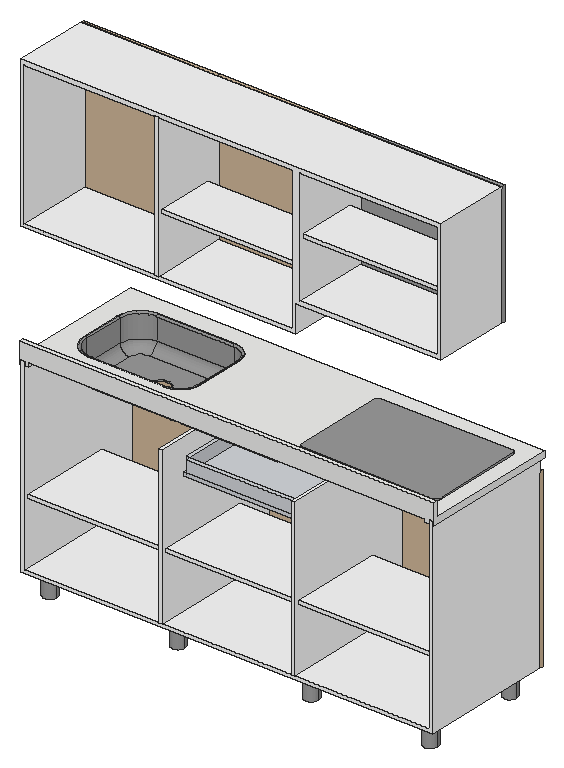
Revit family "O22411711_Cocina Soho Izquierda", category Generic Models, host Wall, Revit 2019
Family settings
  Host = Wall
  Can host rebar = No
  Round Connector Dimension = Use Diameter
  Part Type = Normal
  OmniClass Number = 23.21.23.23.13
  OmniClass Title = Residential Food Cookers
  Always vertical = Yes
  Cut with Voids When Loaded = No
  Shared = No
  Room Calculation Point = No
Parameters (values of type "Ref. O22411711 Cocina Soho Izquierda")
  URL = "https://corona.co/productos/muebles-para-cocinas/cocina-soho/p/cocina-soho-izquierda"
  Resistencia a la humedad = "Hinchamiento < o =8%."  # constant formula
  Pofundidad Mueble Inferior = 595 mm
  Pofundidad Mueble Superioir = 345 mm
  Peso Neto aproximado mueble superior = "41,29 kg."  # constant formula
  Peso Neto aproximado mueble inferior = "63 kg."  # constant formula
  Material puertas B = Corona_Madera_Aglomerada_Plomo
  Material puertas A = Corona_Madera_Aglomerada_Miel
  Material mueble superior = Corona_Madera_Blanco
  Material mueble inferior = Corona_Madera_Blanco
  Material meson = Corona_Cuarzo_Natural
  Material Patas = Corona_Acero inoxidable
  Garantía de madera = "1 año"  # constant formula
  Garantía de Herrajes = "1 año"  # constant formula
  Garantia Mesón = "10 años"  # constant formula
  Dimensiones generales mueble rior (H*W*L). = "650 x 345 x 1800 mm."  # constant formula
  Dimensiones generales del mueble inferior (H*W*L) = "920x 1800x 600mm."  # constant formula
  Description = "Esta cocina de diseño contemporáneo está disponible en color miel, contrastado con detalles en gris plomo. Sus puertas lisas (sin manijas expuestas) aportan limpieza y continuidad al diseño, haciendo que la cocina sea más amigable con el usuario. Esta cocina entrega una solución completa al incluir en su mueble inferior un mesón en CoronaStone® con lavaplatos y cubierta con 4 fogones integrados, además de accesorios como vajillero y cubertero para hacer más cómodo el almacenamiento.En todo el mueble, los cantos o recubrimiento de bordes, cuentan con mayor espesor y rigidez al estándar del mercado, brindando un acabado estético superior y mayor protección a posibles filtraciones de humedad.Disfruta de su máximo almacenamiento y comodidad de uso, y de nuestros muebles altamente resistentes. ¡Una solución integral de fácil instalación!"  # constant formula
  Date Created = "04/08/2020"  # constant formula
  Created by = "IDD"  # constant formula
  Carga máxima mueble inferior = "73 kg."  # constant formula
  Carga máxima Mueble Superior = "42 kg."  # constant formula
  Carga máxima Campana = "25 kg."  # constant formula
  Ancho Mueble Inferior = 1800 mm
  Ancho Mueble Inferioir = 1760 mm
  Alto Mueble Superior = 650 mm
  Alto Mueble Inferior = 926 mm
Reference planes
  plane 1 "Wall": y = 0
  plane 2 "Center (Left/Right)": x = 125
  plane 3 "Back": y = 75
  plane 4: x = -755
  plane 5: x = 1005
  plane 6: y = 670
  plane 7: y = 655
  plane 8: y = 90
  plane 9: y = 75
  plane 10: x = 1020
  plane 11: x = -770
  plane 12: z = 100.5
  plane 13: z = 115.5
  plane 14: z = 388.5
  plane 15: z = 403.5
  plane 16: y = 490
  plane 17: z = 791
  plane 18: z = 911
  plane 19: z = 926
  plane 20: z = 865.5
  plane 21: x = -170.5
  plane 22: x = 420.5
  plane 23: x = -155.5
  plane 24: x = 405.5
  plane 25: y = 640
  plane 26: x = 413
  plane 27: x = -163
  plane 28: z = 1446
  plane 29: z = 1566
  plane 30: z = 2096
  plane 31: z = 1461
  plane 32: z = 2081
  plane 33: y = 420
  plane 34: y = 405
  plane 35: y = 340
  plane 36: z = 1702
  plane 37: z = 1717
  plane 38: x = 1055
  plane 39: x = 1040
  plane 40: x = -772
  plane 41: x = -757
  plane 42: x = 410
  plane 43: x = 425
  plane 44: x = 440
  plane 45: z = 1581
  plane 46: x = -181
  plane 47: x = -188.5
  plane 48: x = -173.5
  plane 49: z = 1822
  plane 50: z = 1837
  plane 51: x = 390.5
  plane 52: x = -140.5
  plane 53: x = 375.5
  plane 54: x = -125.5
Forms (mm)
  Extrusion 1, solid, material "Corona_Madera_Blanco" <- "Material mueble inferior", detail levels medium+fine
    sketch origin (0, 0, 0) x (1, 0, 0) y (0, 1, 0)
      loop
        line (-770, 655) -> (-770, 75) -> (1020, 75) -> (1020, 655) -> (-770, 655)
    from 100.5 to 926
  Extrusion 2, void, detail levels medium+fine
    sketch origin (0, 0, 0) x (1, 0, 0) y (0, 1, 0)
      loop
        line (-755, 655) -> (-755, 75) -> (1005, 75) -> (1005, 655) -> (-755, 655)
    from 115.5 to 926
  Extrusion 3, solid, material "Corona_Madera_Blanco" <- "Material mueble inferior", detail levels medium+fine
    sketch origin (0, 0, 0) x (1, 0, 0) y (0, 0, 1)
      loop
        line (420.5, 791) -> (405.5, 791) -> (405.5, 115.5) -> (420.5, 115.5) -> (420.5, 791)
    from -655 to -75
  Extrusion 4, solid, material "Corona_Madera_Blanco" <- "Material mueble inferior", detail levels medium+fine
    sketch origin (0, 0, 0) x (1, 0, 0) y (0, 0, 1)
      loop
        line (-155.5, 791) -> (-170.5, 791) -> (-170.5, 115.5) -> (-155.5, 115.5) -> (-155.5, 791)
    from -655 to -75
  Extrusion 5, solid, material "Corona_Madera_Blanco" <- "Material mueble inferior", detail levels medium+fine
    sketch origin (0, 0, 0) x (1, 0, 0) y (0, 0, 1)
      loop
        line (1005, 403.5) -> (420.5, 403.5) -> (420.5, 388.5) -> (1005, 388.5) -> (1005, 403.5)
    from -490 to -90
  Extrusion 6, solid, material "Corona_Madera_Blanco" <- "Material mueble inferior", detail levels medium+fine
    sketch origin (0, 0, 0) x (1, 0, 0) y (0, 0, 1)
      loop
        line (405.5, 388.5) -> (405.5, 403.5) -> (-155.5, 403.5) -> (-155.5, 388.5) -> (405.5, 388.5)
    from -490 to -90
  Extrusion 7, solid, material "Corona_Madera_Blanco" <- "Material mueble inferior", detail levels medium+fine
    sketch origin (0, 0, 0) x (1, 0, 0) y (0, 0, 1)
      loop
        line (-170.5, 403.5) -> (-755, 403.5) -> (-755, 388.5) -> (-170.5, 388.5) -> (-170.5, 403.5)
    from -490 to -90
  Extrusion 8, solid, material "Corona_Madera_Aglomerada_Miel" <- "Material puertas A", detail levels medium+fine
    sketch origin (0, 0, 0) x (1, 0, 0) y (0, 0, 1)
      loop
        line (1020, 865.5) -> (413, 865.5) -> (413, 100.5) -> (1020, 100.5) -> (1020, 865.5)
    from -670 to -655
  Extrusion 9, solid, material "Corona_Madera_Blanco" <- "Material mueble inferior", detail levels medium+fine
    sketch origin (125, 0, 0) x (0, 1, 0) y (0, 0, 1)
      loop
        line (640, 926) -> (625, 926) -> (625, 865.5) -> (640, 865.5) -> (640, 926)
    from -880 to 880
  Extrusion 10, solid, material "Corona_Madera_Aglomerada_Miel" <- "Material puertas A", detail levels medium+fine
    sketch origin (0, 0, 0) x (1, 0, 0) y (0, 0, 1)
      loop
        line (-163, 100.5) -> (-163, 865.5) -> (-770, 865.5) -> (-770, 100.5) -> (-163, 100.5)
    from -670 to -655
  Extrusion 11, solid, material "Corona_Madera_Aglomerada_Miel" <- "Material puertas A", detail levels medium+fine
    sketch origin (0, 0, 0) x (1, 0, 0) y (0, 0, 1)
      loop
        line (-163, 100.5) -> (413, 100.5) -> (413, 597.25) -> (-163, 597.25) -> (-163, 100.5)
    from -670 to -655
  Extrusion 12, solid, material "Corona_Madera_Aglomerada_Miel" <- "Material puertas A", detail levels medium+fine
    sketch origin (0, 0, 0) x (1, 0, 0) y (0, 0, 1)
      loop
        line (413, 865.5) -> (-163, 865.5) -> (-163, 612.25) -> (413, 612.25) -> (413, 865.5)
    from -670 to -655
  Extrusion 13, solid, material "Corona_Madera_Blanco" <- "Material mueble inferior", detail levels medium+fine
    sketch origin (0, 0, 0) x (1, 0, 0) y (0, 0, 1)
      loop
        line (405.5, 628.063) -> (-155.5, 628.063) -> (-155.5, 577.675) -> (405.5, 577.675) -> (405.5, 628.063)
    from -640 to -625
  Extrusion 14, solid, material "Corona_Acero inoxidable" <- "Material Patas", detail levels medium+fine
    sketch origin (0, 0, 0) x (1, 0, 0) y (0, 1, 0)
      loop
        circle (-706.801, 586.444) r 30
      loop
        circle (-150.361, 586.444) r 30
      loop
        circle (429.449, 586.444) r 30
      loop
        circle (946.324, 586.444) r 30
      loop
        circle (-706.801, 153.556) r 30
      loop
        circle (-150.361, 153.556) r 30
      loop
        circle (429.449, 153.556) r 30
      loop
        circle (946.324, 153.556) r 30
    from 0 to 100.5
  Extrusion 15, solid, material "Corona_Madera_Blanco" <- "Material mueble inferior", detail levels coarse
    sketch origin (0, 0, 0) x (1, 0, 0) y (0, 0, 1)
      loop
        line (1020, 926) -> (-770, 926) -> (-770, 0) -> (1020, 0) -> (1020, 926)
    from -670 to -75
  Extrusion 16, solid, material "Corona_Madera_Blanco" <- "Material mueble superior", detail levels medium+fine
    sketch origin (0, 0, 0) x (1, 0, 0) y (0, 0, 1)
      loop
        line (-772, 2096) -> (-772, 1446) -> (425, 1446) -> (425, 2096) -> (-772, 2096)
    from -405 to -75
  Extrusion 17, solid, material "Corona_Madera_Blanco" <- "Material mueble superior", detail levels medium+fine
    sketch origin (0, 0, 0) x (1, 0, 0) y (0, 0, 1)
      loop
        line (425, 2096) -> (425, 1566) -> (1055, 1566) -> (1055, 2096) -> (425, 2096)
    from -405 to -75
  Extrusion 18, void
    sketch origin (0, 0, 0) x (1, 0, 0) y (0, 0, 1)
      loop
        line (1040, 2081) -> (440, 2081) -> (440, 1581) -> (1040, 1581) -> (1040, 2081)
    from -405 to -75
  Extrusion 19, void
    sketch origin (0, 0, 0) x (1, 0, 0) y (0, 0, 1)
      loop
        line (410, 2081) -> (-757, 2081) -> (-757, 1461) -> (410, 1461) -> (410, 2081)
    from -405 to -75
  Extrusion 20, solid, material "Corona_Madera_Blanco" <- "Material mueble superior", detail levels medium+fine
    sketch origin (0, 0, 0) x (1, 0, 0) y (0, 0, 1)
      loop
        line (-188.5, 2081) -> (-188.5, 1461) -> (-173.5, 1461) -> (-173.5, 2081) -> (-188.5, 2081)
    from -405 to -75
  Extrusion 21, solid, material "Corona_Madera_Aglomerada_Miel" <- "Material puertas A", detail levels medium+fine
    sketch origin (0, 0, 0) x (1, 0, 0) y (0, 0, 1)
      loop
        line (-772, 2096) -> (-772, 1446) -> (-181, 1446) -> (-181, 2096) -> (-772, 2096)
    from -420 to -405
  Extrusion 22, solid, material "Corona_Madera_Aglomerada_Plomo" <- "Material puertas B", detail levels medium+fine
    sketch origin (0, 0, 0) x (1, 0, 0) y (0, 0, 1)
      loop
        line (1055, 2096) -> (425, 2096) -> (425, 1566) -> (1055, 1566) -> (1055, 2096)
    from -420 to -405
  Extrusion 23, solid, material "Corona_Madera_Aglomerada_Miel" <- "Material puertas A", detail levels medium+fine
    sketch origin (0, 0, 0) x (1, 0, 0) y (0, 0, 1)
      loop
        line (425, 2096) -> (-181, 2096) -> (-181, 1446) -> (425, 1446) -> (425, 2096)
    from -420 to -405
  Extrusion 24, solid, material "Corona_Madera_Blanco" <- "Material mueble superior", detail levels coarse
    sketch origin (0, 0, 0) x (1, 0, 0) y (0, 0, 1)
      loop
        line (1055, 2096) -> (-772, 2096) -> (-772, 1446) -> (1055, 1446) -> (1055, 2096)
    from -420 to -75
  Extrusion 25, solid, material "Corona_Madera_Blanco" <- "Material mueble superior", detail levels medium+fine
    sketch origin (0, 0, 0) x (1, 0, 0) y (0, 0, 1)
      loop
        line (410, 1717) -> (-173.5, 1717) -> (-173.5, 1702) -> (410, 1702) -> (410, 1717)
    from -340 to -90
  Extrusion 26, solid, material "Corona_Madera_Blanco" <- "Material mueble superior", detail levels medium+fine
    sketch origin (0, 0, 0) x (1, 0, 0) y (0, 0, 1)
      loop
        line (1040, 1837) -> (440, 1837) -> (440, 1822) -> (1040, 1822) -> (1040, 1837)
    from -340 to -90
  Extrusion 27, solid, detail levels medium+fine
    sketch origin (125, 0, 0) x (0, 1, 0) y (0, 0, 1)
      loop
        line (655, 668.3) -> (171.9, 668.3) -> (171.9, 653.3) -> (655, 653.3) -> (655, 668.3)
    from -265.5 to 265.5
  Extrusion 28, solid, detail levels medium+fine
    sketch origin (125, 0, 0) x (0, 1, 0) y (0, 0, 1)
      loop
        line (186.9, 723.3) -> (186.9, 668.3) -> (655, 668.3) -> (655, 723.3) -> (186.9, 723.3)
    from 250.5 to 265.5
  Extrusion 29, solid, detail levels medium+fine
    sketch origin (125, 0, 0) x (0, 1, 0) y (0, 0, -1)
      loop
        line (186.9, -723.3) -> (655, -723.3) -> (655, -668.3) -> (186.9, -668.3) -> (186.9, -723.3)
    from 250.5 to 265.5
  Extrusion 30, solid, detail levels medium+fine
    sketch origin (0, 0, 0) x (1, 0, 0) y (0, 0, 1)
      loop
        line (375.5, 723.3) -> (-125.5, 723.3) -> (-125.5, 668.3) -> (375.5, 668.3) -> (375.5, 723.3)
    from -186.9 to -171.9
Cuts and joins
  Extrusion 2 cuts Extrusion 1
  Extrusion 19 cuts Extrusion 16
  Extrusion 18 cuts Extrusion 17
  joined: Extrusion 16, Extrusion 17
Text (mm)
  text "Placement Side" at (-1805.532, 2405.08, 0), in view "Ref. Level"
  text "Placement side" at (0, 1409.804, 2854.306), in view "Left"
  text "Placement side" at (0, 499.811, 2980.732), in view "Right"
Dimensions and locks
  locked: plane 3 "Back" to host wall
  equal spacing: plane 4, plane 2 "Center (Left/Right)", plane 5
  "Pofundidad Mueble Inferior": plane 6 to plane 3 "Back"
  "Ancho Mueble Inferioir": plane 4 to plane 5
  plane 11 to plane 4 = 15 mm
  plane 5 to plane 10 = 15 mm
  level to plane 12 = 100.5 mm
  plane 13 to plane 14 = 273 mm
  plane 6 to plane 9 = 595 mm
  plane 7 to plane 9 = 580 mm
  plane 16 to plane 8 = 400 mm
  plane 12 to level = 100.5 mm
  plane 15 to plane 17 = 387.5 mm
  plane 13 to plane 18 = 795.5 mm
  plane 20 to plane 12 = 765 mm
  plane 21 to plane 4 = 584.5 mm
  plane 5 to plane 22 = 584.5 mm
  plane 24 to plane 23 = 561 mm
  plane 19 to plane 28 = 520 mm
  plane 28 to plane 29 = 120 mm
  plane 28 to plane 30 = 650 mm
  "Pofundidad Mueble Superioir": plane 33 to plane 9
  plane 33 to plane 34 to plane 9 = 15 mm, 330 mm
  plane 35 to plane 8 = 250 mm
  "Alto Mueble Superior": plane 30 to plane 28
  plane 31 to plane 36 = 241 mm
  plane 46 to plane 40 = 591 mm
  plane 43 to plane 46 = 606 mm
  plane 44 to plane 39 = 600 mm
  Extrusion 20 to Extrusion 21 = 635 mm
  "Alto Mueble Inferior": plane 19 to level
  aligned and locked: plane 1 "Wall" to host wall
  aligned and locked: plane 11 to Extrusion 1 sketch curve
  aligned and locked: host wall to Extrusion 1 sketch curve
  aligned and locked: Extrusion 1 sketch curve to plane 10
  aligned and locked: plane 7 to Extrusion 1
  aligned and locked: Extrusion 2 sketch curve to plane 7
  aligned and locked: plane 4 to Extrusion 2 sketch curve
  aligned and locked: host wall to Extrusion 2 sketch curve
  aligned and locked: Extrusion 2 sketch curve to plane 5
  aligned and locked: plane 19 to Extrusion 2
  aligned and locked: Extrusion 1 to Extrusion 2
  aligned and locked: Extrusion 2 to plane 13
  aligned and locked: plane 17 to Extrusion 3 sketch curve
  aligned and locked: plane 22 to Extrusion 3 sketch curve
  aligned and locked: Extrusion 3 sketch curve to plane 13
  aligned and locked: Extrusion 3 sketch curve to plane 24
  aligned and locked: plane 7 to Extrusion 3
  aligned and locked: Extrusion 3 to host wall
  aligned and locked: plane 17 to Extrusion 4 sketch curve
  aligned and locked: plane 23 to Extrusion 4 sketch curve
  aligned and locked: Extrusion 4 sketch curve to plane 13
  aligned and locked: Extrusion 4 sketch curve to plane 21
  aligned and locked: plane 7 to Extrusion 4
  aligned and locked: Extrusion 4 to host wall
  aligned and locked: plane 15 to Extrusion 5 sketch curve
  aligned and locked: plane 5 to Extrusion 5 sketch curve
  aligned and locked: Extrusion 5 sketch curve to plane 14
  aligned and locked: Extrusion 5 sketch curve to plane 22
  aligned and locked: plane 16 to Extrusion 5
  aligned and locked: Extrusion 5 to plane 8
  aligned and locked: plane 14 to Extrusion 6 sketch curve
  aligned and locked: Extrusion 6 sketch curve to plane 24
  aligned and locked: Extrusion 6 sketch curve to plane 15
  aligned and locked: plane 23 to Extrusion 6 sketch curve
  aligned and locked: plane 16 to Extrusion 6
  aligned and locked: Extrusion 6 to plane 8
  aligned and locked: plane 15 to Extrusion 7 sketch curve
  aligned and locked: plane 21 to Extrusion 7 sketch curve
  aligned and locked: Extrusion 7 sketch curve to plane 14
  aligned and locked: Extrusion 7 sketch curve to plane 4
  aligned and locked: plane 16 to Extrusion 7
  aligned and locked: Extrusion 7 to plane 8
  aligned and locked: plane 20 to Extrusion 8 sketch curve
  aligned and locked: plane 10 to Extrusion 8 sketch curve
  aligned and locked: Extrusion 8 sketch curve to plane 12
  aligned and locked: Extrusion 8 sketch curve to plane 26
  aligned and locked: plane 6 to Extrusion 8
  aligned and locked: Extrusion 8 to plane 7
  aligned and locked: Extrusion 9 to plane 4
  aligned and locked: plane 5 to Extrusion 9
  aligned and locked: plane 12 to Extrusion 10 sketch curve
  aligned and locked: Extrusion 10 sketch curve to plane 27
  aligned and locked: Extrusion 10 sketch curve to plane 20
  aligned and locked: plane 11 to Extrusion 10 sketch curve
  aligned and locked: plane 6 to Extrusion 10
  aligned and locked: Extrusion 10 to plane 7
  aligned and locked: Extrusion 10 to Extrusion 11 sketch curve
  aligned and locked: Extrusion 11 sketch curve to Extrusion 10
  aligned and locked: plane 26 to Extrusion 11 sketch curve
  aligned and locked: plane 6 to Extrusion 11
  aligned and locked: Extrusion 11 to plane 7
  aligned and locked: plane 6 to Extrusion 12
  aligned and locked: Extrusion 12 to plane 7
  aligned and locked: plane 25 to Extrusion 13
  aligned and locked: plane 12 to Extrusion 14
  aligned and locked: Extrusion 14 to level
  aligned and locked: Extrusion 15 sketch curve to cut or joined group of Extrusion 1, Extrusion 2  (x3)
  aligned and locked: Extrusion 15 to level
  aligned and locked: Extrusion 16 sketch curve to plane 30
  aligned and locked: plane 40 to Extrusion 16 sketch curve
  aligned and locked: plane 28 to Extrusion 16 sketch curve
  aligned and locked: Extrusion 16 sketch curve to plane 43
  aligned and locked: Extrusion 16 to plane 34
  aligned and locked: Extrusion 16 to host wall
  aligned and locked: Extrusion 16 to Extrusion 17 sketch curve  (x2)
  aligned and locked: plane 29 to Extrusion 17 sketch curve
  aligned and locked: plane 38 to Extrusion 17 sketch curve
  aligned and locked: plane 32 to Extrusion 18 sketch curve
  aligned and locked: Extrusion 18 sketch curve to plane 45
  aligned and locked: Extrusion 18 sketch curve to plane 44
  aligned and locked: Extrusion 18 sketch curve to plane 39
  aligned and locked: Extrusion 18 to plane 34
  aligned and locked: Extrusion 18 to host wall
  aligned and locked: Extrusion 17 to host wall
  aligned and locked: Extrusion 17 to plane 34
  aligned and locked: plane 32 to Extrusion 19 sketch curve
  aligned and locked: plane 42 to Extrusion 19 sketch curve
  aligned and locked: Extrusion 19 sketch curve to plane 31
  aligned and locked: Extrusion 19 sketch curve to plane 41
  aligned and locked: Extrusion 19 to plane 34
  aligned and locked: Extrusion 19 to host wall
  aligned and locked: plane 47 to Extrusion 20 sketch curve
  aligned and locked: Extrusion 20 sketch curve to plane 48
  aligned and locked: Extrusion 20 sketch curve to plane 32
  aligned and locked: Extrusion 20 to plane 34
  aligned and locked: Extrusion 20 to host wall
  aligned and locked: Extrusion 21 sketch curve to cut or joined group of Extrusion 16, Extrusion 17, Extrusion 18, Extrusion 19
  aligned and locked: plane 28 to Extrusion 21 sketch curve
  aligned and locked: Extrusion 21 sketch curve to plane 46
  aligned and locked: Extrusion 21 sketch curve to plane 30
  aligned and locked: Extrusion 21 to plane 33
  aligned and locked: plane 34 to Extrusion 21
  aligned and locked: Extrusion 22 sketch curve to cut or joined group of Extrusion 16, Extrusion 17, Extrusion 18, Extrusion 19  (x4)
  aligned and locked: Extrusion 22 to plane 33
  aligned and locked: plane 34 to Extrusion 22
  aligned and locked: Extrusion 22 to Extrusion 23 sketch curve
  aligned and locked: Extrusion 23 sketch curve to Extrusion 22
  aligned and locked: Extrusion 21 to Extrusion 23 sketch curve
  aligned and locked: Extrusion 23 sketch curve to Extrusion 21
  aligned and locked: Extrusion 23 to plane 33
  aligned and locked: plane 34 to Extrusion 23
  aligned and locked: Extrusion 24 sketch curve to cut or joined group of Extrusion 16, Extrusion 17, Extrusion 18, Extrusion 19  (x4)
  aligned and locked: Extrusion 24 to plane 33
  aligned and locked: Extrusion 24 to host wall
  aligned and locked: plane 37 to Extrusion 25 sketch curve
  aligned and locked: plane 42 to Extrusion 25 sketch curve
  aligned and locked: Extrusion 25 sketch curve to plane 36
  aligned and locked: Extrusion 25 sketch curve to plane 48
  aligned and locked: Extrusion 25 to plane 35
  aligned and locked: Extrusion 25 to plane 8
  aligned and locked: plane 50 to Extrusion 26 sketch curve
  aligned and locked: Extrusion 26 sketch curve to plane 39
  aligned and locked: Extrusion 26 sketch curve to plane 49
  aligned and locked: Extrusion 26 sketch curve to plane 44
  aligned and locked: Extrusion 26 to plane 35
  aligned and locked: Extrusion 26 to plane 8
  aligned and locked: Extrusion 27 to plane 52
  aligned and locked: plane 51 to Extrusion 27
  aligned and locked: Extrusion 28 to Extrusion 27
  aligned and locked: Extrusion 28 to plane 53
  aligned and locked: Extrusion 29 to plane 54
  aligned and locked: Extrusion 27 to Extrusion 29
Automatic sketch dimensions
  Extrusion 1 sketch curve to plane 7 = 0 mm
  Extrusion 9 sketch curve to plane 19 = 0 mm
  Extrusion 9 sketch curve to plane 20 = 0 mm
  Extrusion 9 sketch curve to plane 25 = 0 mm
  Extrusion 9 sketch curve to plane 25 = 15 mm
  plane 15 to Extrusion 11 sketch curve = 193.75 mm
  Extrusion 12 sketch curve to plane 20 = 0 mm
  Extrusion 12 sketch curve to plane 27 = 0 mm
  Extrusion 12 sketch curve to plane 26 = 0 mm
  Extrusion 12 sketch curve to plane 17 = 178.75 mm
  Extrusion 13 sketch curve to plane 23 = 0 mm
  Extrusion 13 sketch curve to plane 24 = 0 mm
  plane 15 to Extrusion 13 sketch curve = 174.175 mm
  Extrusion 13 sketch curve to Extrusion 13 sketch curve = 50.387 mm
  plane 4 to Extrusion 14 sketch curve = 48.199 mm  (x2)
  plane 23 to Extrusion 14 sketch curve = 5.139 mm  (x2)
  plane 43 to Extrusion 14 sketch curve = 4.449 mm  (x2)
  Extrusion 14 sketch curve to plane 5 = 58.676 mm  (x2)
  plane 8 to Extrusion 14 sketch curve = 63.556 mm  (x4)
  Extrusion 14 sketch curve to plane 25 = 53.556 mm  (x4)
  Extrusion 15 sketch curve to level = 0 mm
  Extrusion 20 sketch curve to plane 31 = 0 mm
  Extrusion 27 sketch curve to plane 7 = 0 mm
  plane 8 to Extrusion 27 sketch curve = 81.9 mm
  Extrusion 27 sketch curve to plane 17 = 137.7 mm
  Extrusion 27 sketch curve to Extrusion 27 sketch curve = 15 mm
  Extrusion 28 sketch curve to plane 7 = 0 mm
  plane 8 to Extrusion 28 sketch curve = 96.9 mm
  Extrusion 28 sketch curve to plane 17 = 122.7 mm
  Extrusion 28 sketch curve to Extrusion 28 sketch curve = 55 mm
  Extrusion 29 sketch curve to plane 7 = 0 mm
  plane 8 to Extrusion 29 sketch curve = 96.9 mm
  Extrusion 29 sketch curve to plane 17 = 67.7 mm
  Extrusion 29 sketch curve to Extrusion 29 sketch curve = 55 mm
  plane 54 to Extrusion 30 sketch curve = 0 mm
  Extrusion 30 sketch curve to plane 53 = 0 mm
  Extrusion 30 sketch curve to plane 17 = 122.7 mm
  Extrusion 30 sketch curve to Extrusion 30 sketch curve = 55 mm
  radius of Extrusion 14 sketch curve = 30 mm  (x8)
Nested families
  nested 1: "Mesón coronastone" at (125, 75, 911), type "Mesón coronastone"
  nested 2: "Family10" at (-772, 0, 1446) x (-1, 0, 0) z (0, -1, 0), type "Family10"
  nested 3: "Family9" at (125, 0, -0.5) x (1, 0, 0) z (0, -1, 0), type "Family9"
  nested 4: "Family7" at (125, 75, 1446) x (0, -1, 0) z (1, 0, 0), type "Family7"
  nested 5: "Family4" at (125, 670, 0), type "Family4"
  nested 6: "Family6" at (122.5, 75, 0) x (-1, 0, 0) z (0, 0, 1), type "Family6"
  nested 7: "Family8" at (125, 75, 100.5) x (0, -1, 0) z (1, 0, 0), type "Family8"
Definition of nested family "Mesón coronastone"
  Parameters (values of type "Mesón coronastone")
    Profundidad = 600 mm
    Material Mesón = none
    Material Lavaplatos = none
    Material Cubierta = none
    Date Created = "15/07/2020"  # constant formula
    Created by = "IDD"  # constant formula
    Ancho = 1800 mm
    Alto = 150 mm
  Reference planes
    plane 1 "Center (Front/Back)": y = 0
    plane 2: z = 0
    plane 3 "Center (Left/Right)": x = 0
    plane 4: x = -900
    plane 5: x = 900
    plane 6: y = -600
    plane 7: z = 30
    plane 8: y = -15
    plane 9: z = 90
    plane 10: y = -102
    plane 11: y = -520
    plane 12: x = 252
    plane 13: x = 820
    plane 14: y = -141
    plane 15: y = -77
    plane 16: z = -120
    plane 17: x = -812
    plane 18: x = -298
    plane 19: x = -555
    plane 20: x = -521.466
    plane 21: y = -328.73
    plane 22: y = -560.2
  Forms (mm)
    Extrusion 1, solid, material <- "Material Mesón", detail levels medium+fine
      sketch origin (0, 0, 0) x (1, 0, 0) y (0, 1, 0)
        loop
          line (-900, 0) -> (-900, -600) -> (900, -600) -> (900, 0) -> (-900, 0)
        loop
          circle (-555, -77) r 17.5
        loop
          arc (804.982, -520) -> (815.601, -515.601) -> (820, -504.982) r 15.018
          line (820, -504.982) -> (820, -117.027)
          arc (820, -117.027) -> (815.599, -106.401) -> (804.973, -102) r 15.027
          line (804.973, -102) -> (267.028, -102)
          arc (267.028, -102) -> (256.402, -106.402) -> (252, -117.028) r 15.028
          line (252, -117.028) -> (252, -504.963)
          arc (252, -504.963) -> (256.404, -515.596) -> (267.037, -520) r 15.037
          line (267.037, -520) -> (804.982, -520)
        loop
          line (-380.172, -141) -> (-713.328, -141)
          arc (-713.328, -141) -> (-783.1, -169.9) -> (-812, -239.672) r 98.672
          line (-812, -239.672) -> (-812, -421.478)
          arc (-812, -421.478) -> (-783.144, -491.144) -> (-713.478, -520) r 98.522
          line (-713.478, -520) -> (-380.167, -520)
          arc (-380.167, -520) -> (-322.066, -495.934) -> (-298, -437.833) r 82.167
          line (-298, -437.833) -> (-298, -223.172)
          arc (-298, -223.172) -> (-322.068, -165.068) -> (-380.172, -141) r 82.172
      from 15 to 30
    Extrusion 2, solid, material <- "Material Mesón", detail levels medium+fine
      sketch origin (0, 0, 0) x (1, 0, 0) y (0, 1, 0)
        loop
          line (-900, 0) -> (-900, -15) -> (900, -15) -> (900, 0) -> (-900, 0)
      from 30 to 90
    Sweep 3, solid, material <- "Material Lavaplatos", detail levels medium+fine
      path origin (-54.284, 0, 0) x (1, 0, 0) y (0, 1, 0)
        loop
          line (-325.888, -141) -> (-659.043, -141)
          arc (-659.043, -141) -> (-728.815, -169.9) -> (-757.716, -239.672) r 98.672
          line (-757.716, -239.672) -> (-757.716, -421.478)
          arc (-757.716, -421.478) -> (-728.859, -491.144) -> (-659.193, -520) r 98.522
          line (-659.193, -520) -> (-325.883, -520)
          arc (-325.883, -520) -> (-267.782, -495.934) -> (-243.716, -437.833) r 82.167
          line (-243.716, -437.833) -> (-243.716, -223.172)
          arc (-243.716, -223.172) -> (-267.783, -165.068) -> (-325.888, -141) r 82.172
      profile origin (-546.75, -141, 0) x (0, -1, 0) y (0, 0, 1)
        loop
          line (5.241, 23.624) -> (5.241, -72.642)
          arc (5.241, -72.642) -> (18.364, -101.497) -> (46.516, -116.067) r 48.459
          line (46.516, -116.067) -> (46.516, -112.628)
          arc (46.516, -112.628) -> (20.712, -99.032) -> (8.641, -72.48) r 45.059
          line (8.641, -72.48) -> (8.641, 24.296)
          arc (8.641, 24.296) -> (5.267, 28.581) -> (0, 30) r 8.662
          line (0, 30) -> (0, 26.591)
          arc (0, 26.591) -> (3.087, 25.931) -> (5.241, 23.624) r 5.262
    Extrusion 4, solid, material <- "Material Lavaplatos", detail levels medium+fine
      sketch origin (-54.284, 0, 0) x (1, 0, 0) y (0, 1, 0)
        loop
          arc (-659.043, -187.516) -> (-695.924, -202.792) -> (-711.2, -239.672) r 52.157
          line (-711.2, -239.672) -> (-711.2, -421.478)
          arc (-711.2, -421.478) -> (-695.968, -458.252) -> (-659.193, -473.484) r 52.007
          line (-659.193, -473.484) -> (-325.883, -473.484)
          arc (-325.883, -473.484) -> (-300.673, -463.042) -> (-290.231, -437.833) r 35.652
          line (-290.231, -437.833) -> (-290.231, -223.172)
          arc (-290.231, -223.172) -> (-300.675, -197.959) -> (-325.888, -187.516) r 35.657
          line (-325.888, -187.516) -> (-659.043, -187.516)
        loop
          circle (-500.716, -328.803) r 44.25
      from -116.067 to -112.628
    Extrusion 5, void, not visible
      sketch origin (0, 0, 0) x (1, 0, 0) y (0, 1, 0)
        loop
          line (-361.173, -137.455) -> (-681.758, -137.455)
          arc (-681.758, -137.455) -> (-751.53, -166.356) -> (-780.43, -236.128) r 98.672
          line (-780.43, -236.128) -> (-780.43, -421.478)
          arc (-780.43, -421.478) -> (-751.574, -491.144) -> (-681.908, -520) r 98.522
          line (-681.908, -520) -> (-361.168, -520)
          arc (-361.168, -520) -> (-303.067, -495.934) -> (-279.001, -437.833) r 82.167
          line (-279.001, -437.833) -> (-279.001, -219.628)
          arc (-279.001, -219.628) -> (-303.069, -161.523) -> (-361.173, -137.455) r 82.172
      from -11.938 to 52.655
    Sweep 6, solid, not visible
      path origin (0, 0, 0) x (1, 0, 0) y (0, 1, 0)
        loop
          line (-361.173, -137.455) -> (-681.758, -137.455)
          arc (-681.758, -137.455) -> (-751.53, -166.356) -> (-780.43, -236.128) r 98.672
          line (-780.43, -236.128) -> (-780.43, -421.478)
          arc (-780.43, -421.478) -> (-751.574, -491.144) -> (-681.908, -520) r 98.522
          line (-681.908, -520) -> (-361.168, -520)
          arc (-361.168, -520) -> (-303.067, -495.934) -> (-279.001, -437.833) r 82.167
          line (-279.001, -437.833) -> (-279.001, -219.628)
          arc (-279.001, -219.628) -> (-303.069, -161.523) -> (-361.173, -137.455) r 82.172
      profile origin (-521.466, -137.455, 0) x (0, -1, 0) y (0, 0, 1)
        loop
          line (5.241, 23.624) -> (5.241, -72.642)
          arc (5.241, -72.642) -> (18.364, -101.497) -> (46.516, -116.067) r 48.459
          line (46.516, -116.067) -> (46.516, -112.628)
          arc (46.516, -112.628) -> (20.712, -99.032) -> (8.641, -72.48) r 45.059
          line (8.641, -72.48) -> (8.641, 24.296)
          arc (8.641, 24.296) -> (5.267, 28.581) -> (0, 30) r 8.662
          line (0, 30) -> (0, 26.591)
          arc (0, 26.591) -> (3.087, 25.931) -> (5.241, 23.624) r 5.262
    Extrusion 7, solid, not visible
      sketch origin (0, 0, 0) x (1, 0, 0) y (0, 1, 0)
        loop
          arc (-681.758, -183.971) -> (-718.638, -199.247) -> (-733.915, -236.128) r 52.157
          line (-733.915, -236.128) -> (-733.915, -421.478)
          arc (-733.915, -421.478) -> (-718.682, -458.252) -> (-681.908, -473.484) r 52.007
          line (-681.908, -473.484) -> (-361.168, -473.484)
          arc (-361.168, -473.484) -> (-335.959, -463.042) -> (-325.516, -437.833) r 35.652
          line (-325.516, -437.833) -> (-325.516, -219.628)
          arc (-325.516, -219.628) -> (-335.96, -194.414) -> (-361.173, -183.971) r 35.657
          line (-361.173, -183.971) -> (-681.758, -183.971)
        loop
          circle (-521.466, -328.803) r 44.25
      from -116.067 to -112.628
    Extrusion 8, solid, material <- "Material Cubierta", detail levels medium+fine
      sketch origin (13.951, -6, 0) x (1, 0, 0) y (0, 1, 0)
        loop
          arc (235.028, -90) -> (224.402, -94.402) -> (220, -105.028) r 15.028
          line (220, -105.028) -> (220, -504.963)
          arc (220, -504.963) -> (224.404, -515.596) -> (235.037, -520) r 15.037
          line (235.037, -520) -> (804.982, -520)
          arc (804.982, -520) -> (815.601, -515.601) -> (820, -504.982) r 15.018
          line (820, -504.982) -> (820, -105.027)
          arc (820, -105.027) -> (815.599, -94.401) -> (804.973, -90) r 15.027
          line (804.973, -90) -> (235.028, -90)
      from 30 to 35
    Sweep 9, solid, material <- "Material Mesón", not visible, detail levels medium+fine
      path origin (-36.811, 0, 0) x (1, 0, 0) y (0, 1, 0)
        loop
          line (-325.888, -141) -> (-659.043, -141)
          arc (-659.043, -141) -> (-728.815, -169.9) -> (-757.716, -239.672) r 98.672
          line (-757.716, -239.672) -> (-757.716, -421.478)
          arc (-757.716, -421.478) -> (-728.859, -491.144) -> (-659.193, -520) r 98.522
          line (-659.193, -520) -> (-325.883, -520)
          arc (-325.883, -520) -> (-267.782, -495.934) -> (-243.716, -437.833) r 82.167
          line (-243.716, -437.833) -> (-243.716, -223.172)
          arc (-243.716, -223.172) -> (-267.783, -165.068) -> (-325.888, -141) r 82.172
      profile origin (-529.277, -141, 0) x (0, -1, 0) y (0, 0, 1)
        loop
          line (5.241, 23.624) -> (5.241, -72.642)
          arc (5.241, -72.642) -> (18.364, -101.497) -> (46.516, -116.067) r 48.459
          line (46.516, -116.067) -> (46.516, -112.628)
          arc (46.516, -112.628) -> (20.712, -99.032) -> (8.641, -72.48) r 45.059
          line (8.641, -72.48) -> (8.641, 24.296)
          arc (8.641, 24.296) -> (5.267, 28.581) -> (0, 30) r 8.662
          line (0, 30) -> (0, 26.591)
          arc (0, 26.591) -> (3.087, 25.931) -> (5.241, 23.624) r 5.262
    Extrusion 10, solid, material <- "Material Mesón", not visible, detail levels medium+fine
      sketch origin (-36.811, 0, 0) x (1, 0, 0) y (0, 1, 0)
        loop
          arc (-659.043, -187.516) -> (-695.924, -202.792) -> (-711.2, -239.672) r 52.157
          line (-711.2, -239.672) -> (-711.2, -421.478)
          arc (-711.2, -421.478) -> (-695.968, -458.252) -> (-659.193, -473.484) r 52.007
          line (-659.193, -473.484) -> (-325.883, -473.484)
          arc (-325.883, -473.484) -> (-300.673, -463.042) -> (-290.231, -437.833) r 35.652
          line (-290.231, -437.833) -> (-290.231, -223.172)
          arc (-290.231, -223.172) -> (-300.675, -197.959) -> (-325.888, -187.516) r 35.657
          line (-325.888, -187.516) -> (-659.043, -187.516)
        loop
          circle (-500.716, -328.803) r 44.25
      from -116.067 to -112.628
    Extrusion 11, solid, material <- "Material Mesón", detail levels medium+fine
      sketch origin (0, 0, 0) x (1, 0, 0) y (0, 0, 1)
        loop
          line (-900, 15) -> (-900, 0) -> (-860, 0) -> (-860, 15) -> (-900, 15)
      from 0 to 600
    Extrusion 12, solid, material <- "Material Mesón", detail levels medium+fine
      sketch origin (1760, 0, 0) x (1, 0, 0) y (0, 0, 1)
        loop
          line (-900, 15) -> (-900, 0) -> (-860, 0) -> (-860, 15) -> (-900, 15)
      from 0 to 600
    Extrusion 13, solid, material <- "Material Mesón", detail levels medium+fine
      sketch origin (0, 0, 0) x (1, 0, 0) y (0, 0, 1)
        loop
          line (-860, 0) -> (860, 0) -> (860, 15) -> (-860, 15) -> (-860, 0)
      from 560.2 to 600
    Extrusion 14, solid, material <- "Material Mesón", detail levels medium+fine
      sketch origin (0, 0, 0) x (1, 0, 0) y (0, 1, 0)
        loop
          line (-210, -560.2) -> (210, -560.2) -> (210, -545.2) -> (-210, -545.2) -> (-210, -560.2)
        loop
          line (-210, -295.2) -> (210, -295.2) -> (210, -280.2) -> (-210, -280.2) -> (-210, -295.2)
        loop
          line (-210, -30.2) -> (210, -30.2) -> (210, -15.2) -> (-210, -15.2) -> (-210, -30.2)
      from 0 to 15
    Extrusion 15, solid, material <- "Material Mesón", detail levels coarse
      sketch origin (0, 0, 0) x (1, 0, 0) y (0, 0, 1)
        loop
          line (-900, 30) -> (-900, 0) -> (900, 0) -> (900, 30) -> (-900, 30)
      from 0 to 600
  Cuts and joins
    joined: Sweep 3, Extrusion 4
    joined: Extrusion 1, Extrusion 2, Extrusion 11, Extrusion 12, Extrusion 13
  Dimensions and locks
    equal spacing: plane 4, plane 3 "Center (Left/Right)", plane 5
    "Ancho": plane 4 to plane 5
    "Profundidad": plane 6 to plane 1 "Center (Front/Back)"
    level to plane 7 = 30 mm
    plane 2 to plane 9 = 90 mm
    plane 13 to plane 5 = 80 mm
    plane 11 to plane 6 = 80 mm  (x2)
    plane 10 to plane 11 = 418 mm
    plane 12 to plane 13 = 568 mm
    plane 14 to plane 11 = 379 mm
    plane 15 to plane 14 = 64 mm
    "Alto": plane 7 to plane 16
    plane 4 to plane 17 = 88 mm
    plane 17 to plane 18 = 514 mm
    plane 1 "Center (Front/Back)" to plane 10 = 102 mm
    plane 1 "Center (Front/Back)" to plane 6 = 600 mm
    plane 18 to plane 12 = 550 mm
    plane 8 to plane 14 = 126 mm
    plane 17 to plane 19 = 257 mm
    plane 7 to plane 16 = 150 mm
    plane 7 to level = 30 mm
    plane 9 to plane 7 = 60 mm
    plane 22 to plane 6 = 39.8 mm
    aligned and locked: level to plane 2
    aligned and locked: plane 1 "Center (Front/Back)" to Extrusion 1 sketch curve
    aligned and locked: plane 6 to Extrusion 1 sketch curve
    aligned and locked: Extrusion 1 sketch curve to plane 5
    aligned and locked: plane 4 to Extrusion 1 sketch curve
    aligned and locked: plane 7 to Extrusion 1
    aligned and locked: Extrusion 2 sketch curve to Extrusion 1
    aligned and locked: plane 4 to Extrusion 2 sketch curve
    aligned and locked: Extrusion 2 sketch curve to plane 8
    aligned and locked: Extrusion 2 sketch curve to plane 5
    aligned and locked: plane 9 to Extrusion 2
    aligned and locked: Extrusion 1 sketch curve to plane 13
    aligned and locked: Extrusion 1 sketch curve to plane 10
    aligned and locked: plane 11 to Extrusion 1 sketch curve
    aligned and locked: plane 12 to Extrusion 1 sketch curve
    aligned and locked: Extrusion 8 to plane 7
    aligned and locked: level to Extrusion 11 sketch curve
    aligned and locked: Extrusion 2 to Extrusion 1
    aligned and locked: Extrusion 1 to Extrusion 11
    aligned and locked: Extrusion 13 to plane 6
    aligned and locked: plane 22 to Extrusion 13
    aligned and locked: Extrusion 15 sketch curve to nested 2  (x4)
    aligned and locked: Extrusion 15 to cut or joined group of Extrusion 1, Extrusion 2, Extrusion 11, Extrusion 12, Extrusion 13
  Automatic sketch dimensions
    Sweep 6 sketch curve to Sweep 6 sketch curve = 82.167 mm
    Sweep 6 sketch curve to Sweep 6 sketch curve = 0 mm  (x6)
    Sweep 6 sketch curve to profile plane = 0 mm
    Sweep 6 sketch curve to profile plane = 0.495 mm
    Sweep 6 sketch curve to profile plane = 5.241 mm
    Sweep 6 sketch curve to Sweep 6 sketch curve = 3.4 mm
    Sweep 6 sketch curve to profile plane = 46.516 mm
    Sweep 6 sketch curve to Sweep 6 sketch curve = 44.847 mm
    Sweep 6 sketch curve to Sweep 6 sketch curve = 3.438 mm
    Sweep 6 sketch curve to Sweep 6 sketch curve = 39.986 mm
    Sweep 6 sketch curve to Sweep 6 sketch curve = 2.272 mm
    Sweep 6 sketch curve to Sweep 6 sketch curve = 0.672 mm
    Extrusion 5 sketch curve to Extrusion 5 sketch curve = 320.585 mm
    Sweep 6 sketch curve to Sweep 6 sketch curve = 320.585 mm
    Sweep 6 sketch curve to Sweep 6 sketch curve = 0.005 mm
    Extrusion 5 sketch curve to Extrusion 5 sketch curve = 98.522 mm
    Extrusion 5 sketch curve to Extrusion 5 sketch curve = 98.672 mm
    Extrusion 5 sketch curve to Extrusion 5 sketch curve = 0.005 mm
    Extrusion 5 sketch curve to Extrusion 5 sketch curve = 82.167 mm
    Extrusion 5 sketch curve to Extrusion 5 sketch curve = 185.35 mm
    Sweep 6 sketch curve to Sweep 6 sketch curve = 98.522 mm
    Sweep 6 sketch curve to Sweep 6 sketch curve = 98.672 mm
    Sweep 6 sketch curve to Sweep 6 sketch curve = 185.35 mm
    Sweep 6 sketch curve to profile plane = 116.067 mm
    profile plane to Sweep 6 sketch curve = 21.352 mm
    Extrusion 7 sketch curve to plane 20 = 0 mm
    Extrusion 7 sketch curve to plane 20 = 160.442 mm
    Extrusion 7 sketch curve to Extrusion 7 sketch curve = 52.007 mm
    plane 20 to Extrusion 7 sketch curve = 160.292 mm
    plane 20 to Extrusion 7 sketch curve = 160.297 mm
    Extrusion 7 sketch curve to Extrusion 7 sketch curve = 35.657 mm
    plane 21 to Extrusion 7 sketch curve = 144.754 mm
    plane 21 to Extrusion 7 sketch curve = 0.073 mm
    Extrusion 7 sketch curve to plane 21 = 92.603 mm
    Extrusion 7 sketch curve to Extrusion 7 sketch curve = 52.157 mm
    Sweep 9 sketch curve to Sweep 9 sketch curve = 0 mm  (x4)
    Sweep 9 sketch curve to profile plane = 0 mm
    Sweep 9 sketch curve to profile plane = 0.495 mm
    Sweep 9 sketch curve to profile plane = 5.241 mm
    Sweep 9 sketch curve to Sweep 9 sketch curve = 3.4 mm
    Sweep 9 sketch curve to profile plane = 46.516 mm
    Sweep 9 sketch curve to Sweep 9 sketch curve = 44.847 mm
    Sweep 9 sketch curve to Sweep 9 sketch curve = 3.438 mm
    Sweep 9 sketch curve to Sweep 9 sketch curve = 39.986 mm
    Sweep 9 sketch curve to Sweep 9 sketch curve = 2.272 mm
    Sweep 9 sketch curve to Sweep 9 sketch curve = 0.672 mm
    Sweep 9 sketch curve to profile plane = 116.067 mm
    profile plane to Sweep 9 sketch curve = 21.352 mm
    Extrusion 10 sketch curve to Extrusion 10 sketch curve = 52.007 mm
    Extrusion 10 sketch curve to Extrusion 10 sketch curve = 35.657 mm
    Extrusion 10 sketch curve to Extrusion 10 sketch curve = 52.157 mm
    Extrusion 10 sketch curve to Extrusion 10 sketch curve = 158.328 mm
    Extrusion 10 sketch curve to Extrusion 10 sketch curve = 174.828 mm
    Extrusion 10 sketch curve to Extrusion 10 sketch curve = 35.652 mm
    Extrusion 10 sketch curve to Extrusion 10 sketch curve = 92.675 mm
    Extrusion 10 sketch curve to Extrusion 10 sketch curve = 89.13 mm
    Sweep 9 sketch curve to Sweep 9 sketch curve = 98.522 mm
    Sweep 9 sketch curve to Sweep 9 sketch curve = 98.672 mm
    Sweep 9 sketch curve to Sweep 9 sketch curve = 333.156 mm
    Sweep 9 sketch curve to Sweep 9 sketch curve = 0.005 mm
    Sweep 9 sketch curve to Sweep 9 sketch curve = 82.172 mm
    Sweep 9 sketch curve to Sweep 9 sketch curve = 181.806 mm
    Extrusion 1 sketch curve to plane 17 = 0 mm
    Extrusion 1 sketch curve to plane 11 = 0 mm
    Extrusion 1 sketch curve to plane 14 = 0 mm
    Extrusion 1 sketch curve to plane 15 = 0 mm
    Extrusion 1 sketch curve to plane 19 = 0 mm
    Extrusion 1 sketch curve to plane 18 = 0 mm
    plane 17 to Extrusion 1 sketch curve = 98.522 mm
    Extrusion 1 sketch curve to Extrusion 1 sketch curve = 98.672 mm
    plane 18 to Extrusion 1 sketch curve = 82.172 mm
    plane 18 to Extrusion 1 sketch curve = 82.167 mm
    Extrusion 1 sketch curve to plane 10 = 15.028 mm
    Extrusion 1 sketch curve to Extrusion 1 sketch curve = 15.037 mm
    Extrusion 1 sketch curve to plane 13 = 15.027 mm
    Extrusion 1 sketch curve to Extrusion 1 sketch curve = 15.018 mm
    Sweep 3 sketch curve to plane 17 = 0 mm
    Sweep 3 sketch curve to plane 11 = 0 mm
    Sweep 3 sketch curve to plane 14 = 0 mm
    Sweep 3 sketch curve to plane 18 = 0 mm
    plane 11 to Sweep 3 sketch curve = 98.522 mm
    plane 17 to Sweep 3 sketch curve = 98.672 mm
    plane 18 to Sweep 3 sketch curve = 82.172 mm
    plane 18 to Sweep 3 sketch curve = 82.167 mm
    Sweep 3 sketch curve to Sweep 3 sketch curve = 0 mm  (x4)
    Sweep 3 sketch curve to profile plane = 0 mm
    Sweep 3 sketch curve to profile plane = 0.495 mm
    Sweep 3 sketch curve to profile plane = 5.241 mm
    Sweep 3 sketch curve to Sweep 3 sketch curve = 3.4 mm
    Sweep 3 sketch curve to profile plane = 46.516 mm
    Sweep 3 sketch curve to Sweep 3 sketch curve = 44.847 mm
    Sweep 3 sketch curve to level = 116.067 mm
    Sweep 3 sketch curve to Sweep 3 sketch curve = 3.438 mm
    Sweep 3 sketch curve to Sweep 3 sketch curve = 39.986 mm
    level to Sweep 3 sketch curve = 21.352 mm
    Sweep 3 sketch curve to Sweep 3 sketch curve = 2.272 mm
    Sweep 3 sketch curve to Sweep 3 sketch curve = 0.672 mm
    Extrusion 4 sketch curve to plane 19 = 0 mm
    Extrusion 4 sketch curve to plane 14 = 46.516 mm
    plane 17 to Extrusion 4 sketch curve = 98.672 mm
    plane 11 to Extrusion 4 sketch curve = 46.516 mm
    plane 17 to Extrusion 4 sketch curve = 98.522 mm
    plane 17 to Extrusion 4 sketch curve = 46.516 mm
    plane 18 to Extrusion 4 sketch curve = 82.172 mm
    plane 18 to Extrusion 4 sketch curve = 82.167 mm
    Extrusion 4 sketch curve to Extrusion 4 sketch curve = 35.652 mm
    Extrusion 4 sketch curve to Extrusion 4 sketch curve = 89.13 mm
    plane 11 to Extrusion 8 sketch curve = 9.037 mm
    Extrusion 8 sketch curve to plane 12 = 18.049 mm
    Extrusion 8 sketch curve to plane 12 = 3.021 mm
    Extrusion 8 sketch curve to plane 12 = 3.012 mm
    Extrusion 8 sketch curve to plane 13 = 1.075 mm
    Extrusion 8 sketch curve to plane 13 = 1.066 mm
    plane 13 to Extrusion 8 sketch curve = 13.951 mm
    Extrusion 8 sketch curve to plane 10 = 9.028 mm
    plane 4 to Extrusion 11 sketch curve = 40 mm
    Extrusion 12 sketch curve to level = 0 mm
    Extrusion 12 sketch curve to plane 5 = 0 mm
    level to Extrusion 12 sketch curve = 15 mm
    Extrusion 12 sketch curve to plane 5 = 40 mm
    Extrusion 14 sketch curve to plane 22 = 0 mm
    Extrusion 14 sketch curve to plane 18 = 88 mm  (x3)
    plane 8 to Extrusion 14 sketch curve = 0.2 mm
    Extrusion 14 sketch curve to plane 12 = 42 mm  (x3)
    plane 22 to Extrusion 14 sketch curve = 15 mm
    plane 8 to Extrusion 14 sketch curve = 15.2 mm
    Extrusion 14 sketch curve to plane 14 = 154.2 mm
    Extrusion 14 sketch curve to Extrusion 14 sketch curve = 15 mm
    Extrusion 11 sketch curve to plane 4 = 0 mm
    level to Extrusion 11 sketch curve = 15 mm
    level to Extrusion 13 sketch curve = 15 mm
    Extrusion 13 sketch curve to level = 0 mm
    plane 4 to Extrusion 13 sketch curve = 40 mm
    Extrusion 13 sketch curve to plane 5 = 40 mm
    radius of Extrusion 7 sketch curve = 44.25 mm
    radius of Extrusion 10 sketch curve = 44.25 mm
    radius of Extrusion 1 sketch curve = 17.5 mm
    radius of Extrusion 4 sketch curve = 44.25 mm
  Nested families
    nested 1: "Family1" at (0, 0, 0), type "Family1"
    nested 2: "Family2" at (0, 0, 90) x (1, 0, 0) z (0, -1, 0), type "Family2"
    nested 3: "Family3" at (0, 0, 0) x (0, -1, 0) z (1, 0, 0), type "Family3"
  Definition of nested family "Family1"
    Reference planes
      plane 1 "Center (Front/Back)": y = 0
      plane 2: z = 0
      plane 3 "Center (Left/Right)": x = 0
    Lines and regions (mm)
      detail lines, in view "Ref. Level"
        curve 1: line (-900, -600, 0) -> (900, -600, 0)
        curve 2: line (-900, -15, 0) -> (-900, -600, 0)
        curve 3: line (900, -15, 0) -> (-900, -15, 0)
        curve 4: line (900, -600, 0) -> (900, -15, 0)
        curve 5: line (-900, 0, 0) -> (900, 0, 0)
        curve 6: line (-900, -15, 0) -> (-900, 0, 0)
        curve 7: line (900, -15, 0) -> (-900, -15, 0)
        curve 8: line (900, 0, 0) -> (900, -15, 0)
        curve 9: arc (-537.5, -77, 0) -> (-555, -94.5, 0) -> (-572.5, -77, 0) r 17.5
        curve 10: arc (-572.5, -77, 0) -> (-555, -59.5, 0) -> (-537.5, -77, 0) r 17.5
        curve 11: arc (-380.172, -141, 0) -> (-322.068, -165.068, 0) -> (-298, -223.172, 0) r 82.172
        curve 12: line (-713.328, -141, 0) -> (-380.172, -141, 0)
        curve 13: line (-298, -223.172, 0) -> (-298, -437.833, 0)
        curve 14: arc (-298, -437.833, 0) -> (-322.066, -495.934, 0) -> (-380.167, -520, 0) r 82.167
        curve 15: line (-380.167, -520, 0) -> (-713.478, -520, 0)
        curve 16: arc (-713.478, -520, 0) -> (-783.144, -491.144, 0) -> (-812, -421.478, 0) r 98.522
        curve 17: line (-812, -421.478, 0) -> (-812, -239.672, 0)
        curve 18: arc (-812, -239.672, 0) -> (-783.1, -169.9, 0) -> (-713.328, -141, 0) r 98.672
        curve 19: line (267.028, -102, 0) -> (804.973, -102, 0)
        curve 20: arc (252, -117.028, 0) -> (256.402, -106.402, 0) -> (267.028, -102, 0) r 15.028
        curve 21: line (252, -504.963, 0) -> (252, -117.028, 0)
        curve 22: arc (267.037, -520, 0) -> (256.404, -515.596, 0) -> (252, -504.963, 0) r 15.037
        curve 23: line (804.982, -520, 0) -> (267.037, -520, 0)
        curve 24: arc (820, -504.982, 0) -> (815.601, -515.601, 0) -> (804.982, -520, 0) r 15.018
        curve 25: line (820, -117.027, 0) -> (820, -504.982, 0)
        curve 26: arc (804.973, -102, 0) -> (815.599, -106.401, 0) -> (820, -117.027, 0) r 15.027
  Definition of nested family "Family2"
    Reference planes
      plane 1 "Center (Front/Back)": y = 0
      plane 2: z = 0
      plane 3 "Center (Left/Right)": x = 0
    Lines and regions (mm)
      detail lines, in view "Ref. Level"
        curve 1: line (-1000.911, -542.466, -606.735) -> (-1000.911, -542.466, -516.735)
        curve 2: line (-1000.911, -542.466, -516.735) -> (-1000.911, -542.466, -606.735)
        curve 3: line (-900, 0, 0) -> (900, 0, 0)
        curve 4: line (900, 0, 0) -> (900, -60, 0)
        curve 5: line (900, -60, 0) -> (-900, -60, 0)
        curve 6: line (-900, -60, 0) -> (-900, -90, 0)
        curve 7: line (-900, -90, 0) -> (900, -90, 0)
        curve 8: line (900, -90, 0) -> (900, -60, 0)
        curve 9: line (-900, 0, 0) -> (-900, -60, 0)
        curve 10: line (-900, -75, 0) -> (900, -75, 0)
  Definition of nested family "Family3"
    Reference planes
      plane 1 "Center (Front/Back)": y = 0
      plane 2: z = 0
      plane 3 "Center (Left/Right)": x = 0
    Lines and regions (mm)
      detail lines, in view "Ref. Level"
        curve 1: line (0, 90, 0) -> (0, 30, 0)
        curve 2: line (15, 30, 0) -> (15, 90, 0)
        curve 3: line (15, 90, 0) -> (0, 90, 0)
        curve 4: line (0, 30, 0) -> (0, 0, 0)
        curve 5: line (0, 0, 0) -> (600, 0, 0)
        curve 6: line (600, 0, 0) -> (600, 30, 0)
        curve 7: line (600, 30, 0) -> (15, 30, 0)
        curve 8: line (0, 15, 0) -> (600, 15, 0)
Definition of nested family "Family10"
  Reference planes
    plane 1 "Center (Front/Back)": y = 0
    plane 2: z = 0
    plane 3 "Center (Left/Right)": x = 0
  Lines and regions (mm)
    detail lines, in view "Ref. Level"
      curve 1: line (0, 650, 0) -> (0, 0, 0)
      curve 2: line (-1197, 650, 0) -> (0, 650, 0)
      curve 3: line (0, 0, 0) -> (-1197, 0, 0)
      curve 4: line (-1197, 0, 0) -> (-1197, 650, 0)
      curve 5: line (-1197, 120, 0) -> (-1830, 120, 0)
      curve 6: line (-1830, 120, 0) -> (-1830, 650, 0)
      curve 7: line (-1830, 650, 0) -> (-1197, 650, 0)
      curve 8: line (-15, 15, 0) -> (-1182, 15, 0)
      curve 9: line (-1212, 135, 0) -> (-1815, 135, 0)
      curve 10: line (-1182, 635, 0) -> (-15, 635, 0)
      curve 11: line (-1815, 135, 0) -> (-1815, 635, 0)
      curve 12: line (-15, 635, 0) -> (-15, 15, 0)
      curve 13: line (-1182, 15, 0) -> (-1182, 635, 0)
      curve 14: line (-1212, 135, 0) -> (-1212, 635, 0)
      curve 15: line (-1815, 635, 0) -> (-1212, 635, 0)
      curve 16: line (-598.5, 256, 0) -> (-1182, 256, 0)
      curve 17: line (-598.5, 271, 0) -> (-1182, 271, 0)
      curve 18: line (-598.5, 635, 0) -> (-598.5, 15, 0)
      curve 19: line (-583.5, 635, 0) -> (-583.5, 15, 0)
      curve 20: line (-1212, 376, 0) -> (-1815, 376, 0)
      curve 21: line (-1212, 391, 0) -> (-1815, 391, 0)
      curve 22: line (-591, 650, 0) -> (-591, 0, 0)
      curve 23: line (-591, 0, 0) -> (-1197, 0, 0)
Definition of nested family "Family9"
  Reference planes
    plane 1 "Center (Front/Back)": y = 0
    plane 2: z = 0
    plane 3 "Center (Left/Right)": x = 0
    plane 4 "Center (F/C": y = 101
    plane 5 "Center (F/D": y = 116
    plane 6 "Center (F/E": y = 911.5
    plane 7 "Center (F/F": y = 926.5
  Lines and regions (mm)
    detail lines, in view "Ref. Level"
      curve 1: line (-895, 101, 0) -> (895, 101, 0)
      curve 2: line (-895, 116, 0) -> (895, 116, 0)
      curve 3: line (-895, 926.5, 0) -> (895, 926.5, 0)
      curve 4: line (-880, 911.5, 0) -> (880, 911.5, 0)
      curve 5: line (-895, 101, 0) -> (-895, 926.5, 0)
      curve 6: line (-895, 791.5, 0) -> (895, 791.5, 0)
      curve 7: line (895, 926.5, 0) -> (895, 101, 0)
      curve 8: line (-880, 116, 0) -> (-880, 926.5, 0)
      curve 9: line (880, 926.5, 0) -> (880, 116, 0)
      curve 10: line (288, 791.5, 0) -> (288, 101, 0)
      curve 11: line (-288, 791.5, 0) -> (-288, 101, 0)
      curve 12: line (-860.8, 0.5, 0) -> (-860.8, 101, 0)
      curve 13: line (-800.8, 0.5, 0) -> (-800.8, 101, 0)
      curve 14: line (-860.8, 0.5, 0) -> (-800.8, 0.5, 0)
      curve 15: line (-304.36, 0.5, 0) -> (-304.36, 101, 0)
      curve 16: line (-244.36, 0.5, 0) -> (-244.36, 101, 0)
      curve 17: line (-304.36, 0.5, 0) -> (-244.36, 0.5, 0)
      curve 18: line (275.45, 0.5, 0) -> (275.45, 101, 0)
      curve 19: line (335.45, 0.5, 0) -> (335.45, 101, 0)
      curve 20: line (275.45, 0.5, 0) -> (335.45, 0.5, 0)
      curve 21: line (792.325, 0.5, 0) -> (792.325, 101, 0)
      curve 22: line (852.325, 0.5, 0) -> (852.325, 101, 0)
      curve 23: line (792.325, 0.5, 0) -> (852.325, 0.5, 0)
      curve 24: line (-880, 389, 0) -> (-295.5, 389, 0)
      curve 25: line (-880, 404, 0) -> (-295.5, 404, 0)
      curve 26: line (-280.5, 404, 0) -> (280.5, 404, 0)
      curve 27: line (-295.5, 404, 0) -> (-295.5, 389, 0)
      curve 28: line (-280.5, 404, 0) -> (-280.5, 389, 0)
      curve 29: line (-280.5, 389, 0) -> (280.5, 389, 0)
      curve 30: line (295.5, 404, 0) -> (880, 404, 0)
      curve 31: line (295.5, 389, 0) -> (880, 389, 0)
      curve 32: line (280.5, 404, 0) -> (280.5, 389, 0)
      curve 33: line (295.5, 404, 0) -> (295.5, 389, 0)
      curve 34: line (-288, 579.2, 0) -> (288, 579.2, 0)
      curve 35: line (-288, 564.2, 0) -> (288, 564.2, 0)
      curve 36: line (989.2, -525.061, 149) -> (989.2, -525.061, -551)
      curve 37: line (-800.8, -525.061, 129) -> (-800.8, -525.061, -551)
      curve 38: line (-216.3, -525.061, 149) -> (-216.3, -525.061, -511)
      curve 39: line (-186.11, -525.061, 149) -> (-186.11, -525.061, -511)
      curve 40: line (374.7, -525.061, 202) -> (374.7, -525.061, -458)
      curve 41: line (401.263, -525.061, 202) -> (401.262, -525.061, -458)
Definition of nested family "Family7"
  Reference planes
    plane 1 "Center (Front/Back)": y = 0
    plane 2: z = 0
    plane 3 "Center (Left/Right)": x = 0
  Lines and regions (mm)
    detail lines, in view "Ref. Level"
      curve 1: line (0, 0, 0) -> (0, 650, 0)
      curve 2: line (0, 650, 0) -> (-345, 650, 0)
      curve 3: line (-345, 650, 0) -> (-345, 0, 0)
      curve 4: line (-345, 0, 0) -> (0, 0, 0)
      curve 5: line (-330, 15, 0) -> (0, 15, 0)
      curve 6: line (-330, 650, 0) -> (-330, 0, 0)
      curve 7: line (-15, 635, 0) -> (-330, 635, 0)
      curve 8: line (-15, 15, 0) -> (-15, 635, 0)
      curve 9: line (-345, 120, 0) -> (-15, 120, 0)
      curve 10: line (-330, 135, 0) -> (-15, 135, 0)
      curve 11: line (-265, 256, 0) -> (-15, 256, 0)
      curve 12: line (-265, 271, 0) -> (-15, 271, 0)
      curve 13: line (-265, 271, 0) -> (-265, 256, 0)
      curve 14: line (-265, 376, 0) -> (-15, 376, 0)
      curve 15: line (-265, 391, 0) -> (-15, 391, 0)
      curve 16: line (-265, 391, 0) -> (-265, 376, 0)
Definition of nested family "Family4"
  Reference planes
    plane 1 "Center (Front/Back)": y = 0
    plane 2: z = 0
    plane 3 "Center (Left/Right)": x = 0
  Lines and regions (mm)
    detail lines, in view "Ref. Level"
      curve 1: line (-895, -595, 0) -> (-895, 0, 0)
      curve 2: line (-895, 0, 0) -> (880, 0, 0)
      curve 3: line (895, -595, 0) -> (-895, -595, 0)
      curve 4: line (-837.301, -48.556, 0) -> (-777.301, -48.556, 0)
      curve 5: line (-837.301, -108.556, 0) -> (-837.301, -48.556, 0)
      curve 6: line (-777.301, -108.556, 0) -> (-837.301, -108.556, 0)
      curve 7: line (-777.301, -48.556, 0) -> (-777.301, -108.556, 0)
      curve 8: line (-281.051, -48.556, 0) -> (-221.051, -48.556, 0)
      curve 9: line (-281.051, -108.556, 0) -> (-281.051, -48.556, 0)
      curve 10: line (-221.051, -108.556, 0) -> (-281.051, -108.556, 0)
      curve 11: line (-221.051, -48.556, 0) -> (-221.051, -108.556, 0)
      curve 12: line (268.949, -48.556, 0) -> (328.949, -48.556, 0)
      curve 13: line (268.949, -108.556, 0) -> (268.949, -48.556, 0)
      curve 14: line (328.949, -108.556, 0) -> (268.949, -108.556, 0)
      curve 15: line (328.949, -48.556, 0) -> (328.949, -108.556, 0)
      curve 16: line (783.324, -48.556, 0) -> (843.324, -48.556, 0)
      curve 17: line (783.324, -108.556, 0) -> (783.324, -48.556, 0)
      curve 18: line (843.324, -108.556, 0) -> (783.324, -108.556, 0)
      curve 19: line (843.324, -48.556, 0) -> (843.324, -108.556, 0)
      curve 20: line (783.324, -481.444, 0) -> (843.324, -481.444, 0)
      curve 21: line (783.324, -541.444, 0) -> (783.324, -481.444, 0)
      curve 22: line (843.324, -541.444, 0) -> (783.324, -541.444, 0)
      curve 23: line (843.324, -481.444, 0) -> (843.324, -541.444, 0)
      curve 24: line (268.949, -481.444, 0) -> (328.949, -481.444, 0)
      curve 25: line (268.949, -541.444, 0) -> (268.949, -481.444, 0)
      curve 26: line (328.949, -541.444, 0) -> (268.949, -541.444, 0)
      curve 27: line (328.949, -481.444, 0) -> (328.949, -541.444, 0)
      curve 28: line (-281.051, -481.444, 0) -> (-221.051, -481.444, 0)
      curve 29: line (-281.051, -541.444, 0) -> (-281.051, -481.444, 0)
      curve 30: line (-221.051, -541.444, 0) -> (-281.051, -541.444, 0)
      curve 31: line (-221.051, -481.444, 0) -> (-221.051, -541.444, 0)
      curve 32: line (-837.301, -481.444, 0) -> (-777.301, -481.444, 0)
      curve 33: line (-837.301, -541.444, 0) -> (-837.301, -481.444, 0)
      curve 34: line (-777.301, -541.444, 0) -> (-837.301, -541.444, 0)
      curve 35: line (-777.301, -481.444, 0) -> (-777.301, -541.444, 0)
      curve 36: line (880, -15, 0) -> (-880, -15, 0)
      curve 37: line (-880, -15, 0) -> (-880, -580, 0)
      curve 38: line (-880, -580, 0) -> (880, -580, 0)
      curve 39: line (880, -580, 0) -> (880, -15, 0)
      curve 40: line (880, -415, 0) -> (-880, -415, 0)
      curve 41: line (-7.5, -595, 0) -> (-7.5, 0, 0)
      curve 42: line (7.5, 0, 0) -> (7.5, -595, 0)
      curve 43: line (895, 0, 0) -> (895, -595, 0)
Definition of nested family "Family6"
  Reference planes
    plane 1 "Center (Front/Back)": y = 0
    plane 2: z = 0
    plane 3 "Center (Left/Right)": x = 0
  Lines and regions (mm)
    detail lines, in view "Ref. Level"
      curve 1: line (-292.5, 0, 0) -> (292.5, 0, 0)
      curve 2: line (292.5, 0, 0) -> (307.5, 0, 0)
